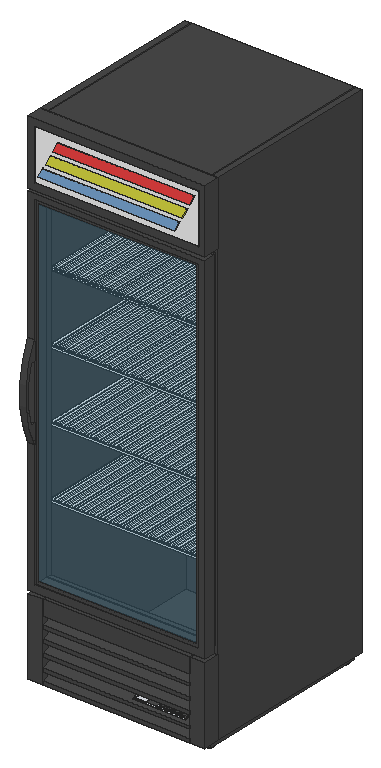
Revit family "QF_TRUE_GDM-23F-HST-HC~TSL01", category Specialty Equipment, Revit 2016
Family settings
  Part Type = Normal
  Round Connector Dimension = Use Diameter
  Work Plane-Based = No
  Always vertical = Yes
  Cut with Voids When Loaded = No
  Shared = No
  Room Calculation Point = No
Parameters
  Weight in Pounds = 350
  Watts = Volts * FL Amps  # 1069.5 W
  Volts = 115 V
  URL Cutsheet = ""
  Specification by User = ""
  Specification by Manufacturer = ""
  Show Logo [instance] = yes
  Show Default Legs [instance] = if(or(Show 6 Inches Standard Legs, Show 2.5 Inches Castors), or(Show 4 Inches Castors, and(Show 6 Inches Standard Legs, Show 2.5 Inches Castors), and(Show 2.5 Inches Castors, Show 6 Inches Seismic Flanged Legs)), if(Show 4 Inches Castors, Show 6 Inches Seismic Flanged Legs, not(Show 6 Inches Seismic Flanged Legs)))  # yes
  Show Clearance [instance] = yes
  Show 6 Inches Standard Legs [instance] = no
  Show 6 Inches Seismic Flanged Legs [instance] = no
  Show 4 Inches Castors [instance] = no
  Show 2.5 Inches Castors [instance] = no
  Serial Number = ""
  Seismic Rating = ""
  SMACNA No = ""
  Revision Code = ""
  Phase = 1
  Number of Poles = 1
  NAFEM Spec ID Number = ""
  Model = "GDM-23F-HST-HC-TSL01"
  Min Ckt Ampacity = 0 A
  Max Overcurrent Protection = 0 A
  Masterspec = ""
  Manufacturer = "TRUE"
  Length = 27"
  Item Number = ""
  Installed By = ""
  Identify Quantity as Lot = yes
  Height [instance] = Body Height + Base Height  # 78 5/8"
  HP = "1"
  Furnished By = ""
  Foodservice Equipment Identifier = yes
  FL Amps = 9.3 A
  Electrical Remarks = ""
  Electric Connection Type = ""
  Elec Conn RI Height = 0"
  Elec Conn Connection Height = 0"
  Description = "SWING DOOR FREEZER WITH HEALTH SAFETY TIMER & HYDROCARBON REFRIGERANT-TRUE STANDARD LOOK VERSION 01"
  Depth = 29 7/8"
  Cycle = 60 Hz
  Conn Plug = "NEMA 5-15P"
  Conn Conduit = yes
  CSI MasterFormat = ""
  Materials and Finishes [instance] = QF_Plastic - Black - Smooth
  Body Height [instance] = 78 5/16"  # constant formula
  Base Height [instance] = if(Show Default Legs, 5/16", if(Show 2.5 Inches Castors, 2 1/2", if(Show 6 Inches Standard Legs, 6", if(Show 4 Inches Castors, 4", if(Show 6 Inches Seismic Flanged Legs, 6", 5" / 16)))))  # 5/16"
  Apparent Power = 0 VA
  6 Inches Standard Legs [instance] = and(Show 6 Inches Standard Legs, not(Show Default Legs))  # no
  6 Inches Seismic Flanged Legs [instance] = and(Show 6 Inches Seismic Flanged Legs, not(Show Default Legs))  # no
  4 Inches Castors [instance] = and(Show 4 Inches Castors, not(Show Default Legs))  # no
  2.5 Inches Castors [instance] = and(Show 2.5 Inches Castors, not(Show Default Legs))  # no
Reference planes (in)
  plane 1 "BACK": y = 0
  plane 2: z = 0
  plane 3 "LEFT": x = 0
  plane 4 "RIGHT": x = 27
  plane 5 "FRONT": y = -29.875
  plane 6 "TOP": z = 78.625
  plane 7 "Center Y": x = 13.5
  plane 8 "Center X": y = -14.9375
  plane 9: z = 0.3125
  plane 10: z = 1.6875
  plane 11: z = 1.6875
  plane 12: y = -54.75
  plane 13: y = -31.50001
Dimensions and locks (in)
  equal spacing: plane 3 "LEFT", plane 7 "Center Y", plane 4 "RIGHT"
  "Length": plane 3 "LEFT" to plane 4 "RIGHT"
  equal spacing: plane 5 "FRONT", plane 8 "Center X", plane 1 "BACK"
  "Depth": plane 5 "FRONT" to plane 1 "BACK"
  "Body Height": plane 6 "TOP" to plane 9
  plane 4 "RIGHT" to plane 3 "LEFT" = 27"
  plane 5 "FRONT" to plane 1 "BACK" = 29 7/8"
  "Base Height": plane 9 to level
  plane 10 to plane 9 = 1 3/8"
  plane 12 to plane 1 "BACK" = 54 3/4"
  plane 1 "BACK" to plane 13 = 31 1/2"
  aligned and locked: level to plane 2
  aligned and locked: nested 3 to plane 9
Nested families (in)
  nested 1: "CASTER-LEGS" at (2.5, -2, 0), Show Siesmic Flanged <- "6 Inches Seismic Flanged Legs", Show 6 Inches Legs <- "6 Inches Standard Legs", Show 2.5 Casters <- "2.5 Inches Castors", Show 4" Casters <- "4 Inches Castors", type "CASTER-LEGS"
    with Type Mark "", Status "", Specification by User "", Show Siesmic Flanged no, Show 6" Casters no, Show 6 Inches Legs no, Show 5" Casters no, Show 4" Casters no, Show 2.5 Standard Legs no, Show 2.5 Casters no, Revision Code "", Low Profile yes, Item Number "", Installed By "", Identify Quantity as Lot yes, Furnished By "", Foodservice Equipment Identifier yes
  nested 2: "CASTER-LEGS" at (24.5, -2, 0), Show Siesmic Flanged <- "6 Inches Seismic Flanged Legs", Show 6 Inches Legs <- "6 Inches Standard Legs", Show 2.5 Casters <- "2.5 Inches Castors", Show 4" Casters <- "4 Inches Castors", type "CASTER-LEGS"
    with Type Mark "", Status "", Specification by User "", Show Siesmic Flanged no, Show 6" Casters no, Show 6 Inches Legs no, Show 5" Casters no, Show 4" Casters no, Show 2.5 Standard Legs no, Show 2.5 Casters no, Revision Code "", Low Profile yes, Item Number "", Installed By "", Identify Quantity as Lot yes, Furnished By "", Foodservice Equipment Identifier yes
  nested 3: "GDM-23F-HST-HC-TSL01" at (0, 0, 0), Show Logo <- "Show Logo", Show Default Legs <- "Show Default Legs", Show Clearance <- "Show Clearance", type "GDM-23F-HST-HC-TSL01"
    with Show Logo yes, Show Default Legs yes, Show Clearance yes
  nested 4: "CASTER-LEGS" at (2.5, -25.375, 0), Show Siesmic Flanged <- "6 Inches Seismic Flanged Legs", Show 6 Inches Legs <- "6 Inches Standard Legs", Show 2.5 Casters <- "2.5 Inches Castors", Show 4" Casters <- "4 Inches Castors", type "CASTER-LEGS"
    with Type Mark "", Status "", Specification by User "", Show Siesmic Flanged no, Show 6" Casters no, Show 6 Inches Legs no, Show 5" Casters no, Show 4" Casters no, Show 2.5 Standard Legs no, Show 2.5 Casters no, Revision Code "", Low Profile yes, Item Number "", Installed By "", Identify Quantity as Lot yes, Furnished By "", Foodservice Equipment Identifier yes
  nested 5: "CASTER-LEGS" at (24.5, -25.375, 0), Show Siesmic Flanged <- "6 Inches Seismic Flanged Legs", Show 6 Inches Legs <- "6 Inches Standard Legs", Show 2.5 Casters <- "2.5 Inches Castors", Show 4" Casters <- "4 Inches Castors", type "CASTER-LEGS"
    with Type Mark "", Status "", Specification by User "", Show Siesmic Flanged no, Show 6" Casters no, Show 6 Inches Legs no, Show 5" Casters no, Show 4" Casters no, Show 2.5 Standard Legs no, Show 2.5 Casters no, Revision Code "", Low Profile yes, Item Number "", Installed By "", Identify Quantity as Lot yes, Furnished By "", Foodservice Equipment Identifier yes
Connectors (in)
  electrical at (13.5, 0.125, 7.53489), driven by "Volts", driven by "Watts"
    settings: on nested 3, index 1, voltage 115 V, apparent load 1069.5 VA, apparent load phase1 0 VA, apparent load phase2 0 VA, apparent load phase3 0 VA, power factor 1, load classification "Other", number of poles 1, system type 30, power factor state 1, is connector primary yes, connector utility no, sub classification motor no, connector description "ELECTRICAL CONNECTION"
Definition of nested family "GDM-23F-HST-HC-TSL01"
  Parameters (values of type "GDM-23F-HST-HC-TSL01")
    Weight in Pounds = 0
    Watts = 0 W
    Volts = 0 V
    URL Cutsheet = ""
    Specification by User = ""
    Specification by Manufacturer = ""
    Show Logo [instance] = yes
    Show Default Legs [instance] = yes
    Show Clearance [instance] = yes
    Serial Number = ""
    Seismic Rating = ""
    SMACNA No = ""
    Revision Code = ""
    Phase = 0
    Number of Poles = 1
    NAFEM Spec ID Number = ""
    Model = ""
    Min Ckt Ampacity = 0 A
    Max Overcurrent Protection = 0 A
    Masterspec = ""
    Manufacturer = ""
    Length = 27"
    Item Number = ""
    Installed By = ""
    Identify Quantity as Lot = yes
    Height = 78 5/8"
    HP = ""
    Furnished By = ""
    Foodservice Equipment Identifier = yes
    FL Amps = 0 A
    Electrical Remarks = ""
    Electric Connection Type = ""
    Elec Conn RI Height = 0"
    Elec Conn Connection Height = 0"
    Description = ""
    Depth = 26 1/2"
    Cycle = 0 Hz
    Conn Plug = ""
    Conn Conduit = yes
    CSI MasterFormat = ""
    Body Finish = none
    Apparent Power = 0 VA
  Reference planes (in)
    plane 1 "BACK": y = 0
    plane 2: z = 0
    plane 3 "LEFT": x = 0
    plane 4 "RIGHT": x = 27
    plane 5 "FRONT": y = -26.5
    plane 6 "TOP": z = 78.625
    plane 7 "Center Y": x = 13.5
    plane 8 "Center X": y = -13.25
    plane 9: z = 0.3125
    plane 10: z = 1.6875
    plane 11: z = 1.6875
    plane 12: y = -31.5
    plane 13: y = -29.875
    plane 14: y = -1
    plane 15: y = -54.75
  Forms (in)
    Extrusion 1, solid, not visible
      sketch origin (-6.9261, -175.875, 34.16806) x (-1, 0, 0) y (0, -1, 0)
        loop
          line (-8.70735, -179.875) -> (-8.70735, -153.5) -> (-33.70735, -153.5) -> (-33.70735, -179.875) -> (-8.70735, -179.875)
        loop
          line (-8.95735, -179.625) -> (-8.95735, -153.75) -> (-33.45735, -153.75) -> (-33.45735, -179.625) -> (-8.95735, -179.625)
      from 0 to 0.25
    Extrusion 2, solid, not visible
      sketch origin (0.10937, 4.125, 7.68369) x (1, 0, 0) y (0, 0, 1)
        loop
          circle (10.17187, 26.73438) r 0.125
        loop
          circle (9.67187, 26.73438) r 0.125
        loop
          circle (9.17187, 26.73438) r 0.125
        loop
          circle (8.67187, 26.73438) r 0.125
        loop
          circle (8.17187, 26.73438) r 0.125
        loop
          circle (7.67187, 26.73438) r 0.125
        loop
          circle (7.17187, 26.73438) r 0.125
        loop
          circle (6.67187, 26.73438) r 0.125
        loop
          circle (6.17187, 26.73438) r 0.125
        loop
          circle (5.67187, 26.73438) r 0.125
        loop
          circle (5.17187, 26.73438) r 0.125
        loop
          circle (4.67187, 26.73438) r 0.125
        loop
          circle (4.17187, 26.73438) r 0.125
        loop
          circle (3.67187, 26.73438) r 0.125
        loop
          circle (3.17187, 26.73438) r 0.125
        loop
          circle (2.67187, 26.73438) r 0.125
        loop
          circle (2.17187, 26.73438) r 0.125
        loop
          circle (10.67187, 26.73438) r 0.125
        loop
          circle (11.17187, 26.73438) r 0.125
        loop
          circle (11.67187, 26.73438) r 0.125
        loop
          circle (12.17188, 26.73438) r 0.125
        loop
          circle (14.17188, 26.73438) r 0.125
        loop
          circle (13.67188, 26.73438) r 0.125
        loop
          circle (13.17188, 26.73438) r 0.125
        loop
          circle (12.67188, 26.73438) r 0.125
        loop
          circle (18.17188, 26.73438) r 0.125
        loop
          circle (18.67188, 26.73438) r 0.125
        loop
          circle (19.17188, 26.73438) r 0.125
        loop
          circle (19.67188, 26.73438) r 0.125
        loop
          circle (20.17188, 26.73438) r 0.125
        loop
          circle (20.67188, 26.73438) r 0.125
        loop
          circle (21.17188, 26.73438) r 0.125
        loop
          circle (21.67188, 26.73438) r 0.125
        loop
          circle (22.17188, 26.73438) r 0.125
        loop
          circle (22.67188, 26.73438) r 0.125
        loop
          circle (23.17188, 26.73438) r 0.125
        loop
          circle (23.67188, 26.73438) r 0.125
        loop
          circle (24.17188, 26.73438) r 0.125
        loop
          circle (24.67188, 26.73438) r 0.125
        loop
          circle (25.17188, 26.73438) r 0.125
        loop
          circle (25.67188, 26.73438) r 0.125
        loop
          circle (26.17188, 26.73438) r 0.125
        loop
          circle (17.67188, 26.73438) r 0.125
        loop
          circle (17.17188, 26.73438) r 0.125
        loop
          circle (16.67188, 26.73438) r 0.125
        loop
          circle (16.17188, 26.73438) r 0.125
        loop
          circle (14.67188, 26.73438) r 0.125
        loop
          circle (15.17188, 26.73438) r 0.125
        loop
          circle (15.67188, 26.73438) r 0.125
      from 0.375 to 26.25
    Extrusion 3, solid, material <- "Body Finish"
      sketch origin (0, -31.5, 0) x (1, 0, 0) y (0, 0, 1)
        loop
          line (0, 78.625) -> (0, 68.875) -> (27, 68.875) -> (27, 78.625) -> (0, 78.625)
        loop
          line (1, 77.625) -> (1, 69.875) -> (26, 69.875) -> (26, 77.625) -> (1, 77.625)
      from -1.625 to -4.125
    Extrusion 4, solid, material <- "Body Finish"
      sketch origin (-10.24231, -29.875, 48) x (-1, 0, 0) y (0, 0, 1)
        loop
          line (-37.24231, 20.38229) -> (-37.24231, -34.11771) -> (-10.24231, -34.11771) -> (-10.24231, 20.38229) -> (-37.24231, 20.38229)
        loop
          line (-36.24231, 19.63229) -> (-36.24231, -33.11771) -> (-11.24231, -33.11771) -> (-11.24231, 19.63229) -> (-36.24231, 19.63229)
      from 0 to 1.75251
    Extrusion 5, solid, material <- "Body Finish"
      sketch origin (-10.24231, -29.875, 48) x (-1, 0, 0) y (0, 0, 1)
        loop
          line (-10.24231, -46.3125) -> (-10.24231, -34.61771) -> (-12.49231, -34.61771) -> (-12.49231, -46.3125) -> (-10.24231, -46.3125)
        loop
          line (-37.24231, -46.3125) -> (-34.99231, -46.3125) -> (-34.99231, -34.61771) -> (-37.24231, -34.61771) -> (-37.24231, -46.3125)
      from 0 to 2.5
    Extrusion 6, solid, material <- "Body Finish"
      sketch origin (0, -5, 0) x (1, 0, 0) y (0, 0, 1)
        loop
          line (1.125, 1.6875) -> (1.125, 0.3125) -> (25.875, 0.3125) -> (25.875, 1.6875) -> (1.125, 1.6875)
      from -5 to 22.375
    Extrusion 7, solid, material <- "Body Finish"
      sketch origin (2.25, -29.875, 1.6875) x (0, 0, 1) y (0, -1, 0)
        loop
          line (11.69479, 0) -> (9.44479, 0) -> (9.44479, -2.25) -> (9.31979, -2.25) -> (8.19479, 0) -> (7.69479, 0) -> (8.81979, -2.25) -> (7.38229, -2.25) -> (6.25729, 0) -> (5.75729, 0) -> (6.88229, -2.25) -> (5.44479, -2.25) -> (4.31979, 0) -> (3.81979, 0) -> (4.94479, -2.25) -> (3.44479, -2.25) -> (2.31979, 0) -> (1.81979, 0) -> (2.94479, -2.25) -> (1.625, -2.25) -> (0.5, 0) -> (0, 0) -> (0, -2.5) -> (11.69479, -2.5) -> (11.69479, 0)
      from 0 to 22.5
    Extrusion 8, solid, material <- "Body Finish"
      sketch origin (0, -5, 0) x (0, 1, 0) y (0, 0, 1)
        loop
          line (-22.375, 78.625) -> (-22.375, 1.6875) -> (5, 1.6875) -> (5, 78.625) -> (-22.375, 78.625)
      from 0 to 1
    Extrusion 9, solid, material <- "Body Finish"
      sketch origin (27, -5, 0) x (0, 1, 0) y (0, 0, -1)
        loop
          line (-22.375, -78.625) -> (5, -78.625) -> (5, -1.6875) -> (-22.375, -1.6875) -> (-22.375, -78.625)
      from 0 to 1
    Extrusion 10, solid, material <- "Body Finish"
      sketch origin (1, -5, 0) x (0, 1, 0) y (0, 0, 1)
        loop
          line (5, 78.625) -> (-22.375, 78.625) -> (-22.375, 77.625) -> (4, 77.625) -> (4, 1.6875) -> (5, 1.6875) -> (5, 78.625)
      from 0 to 25
    Extrusion 11, solid
      sketch origin (0.75, -27.75, 0) x (-1, 0, 0) y (0, 0, 1)
        loop
          line (-0.25, 77.625) -> (-25.25, 77.625) -> (-25.25, 69.875) -> (-0.25, 69.875) -> (-0.25, 77.625)
      from -0.37249 to -2.125
    Extrusion 12, solid
      sketch origin (0.75, -29.875, 1.25) x (1, 0, 0) y (0, 0, 1)
        loop
          line (1.91159, 71.75) -> (22.79084, 71.75) -> (23.58841, 73.25) -> (2.70916, 73.25) -> (1.91159, 71.75)
      from 0 to 0.03125
    Extrusion 13, solid
      sketch origin (0.75, -29.875, 0.25) x (1, 0, 0) y (0, 0, 1)
        loop
          line (3.87016, 76.43353) -> (3.07259, 74.93353) -> (23.95185, 74.93353) -> (24.74941, 76.43353) -> (3.87016, 76.43353)
      from 0 to 0.03125
    Extrusion 14, solid
      sketch origin (0.75, -29.875, 2.25) x (1, 0, 0) y (0, 0, 1)
        loop
          line (0.75059, 68.56647) -> (21.62984, 68.56647) -> (22.42741, 70.06647) -> (1.54815, 70.06647) -> (0.75059, 68.56647)
      from 0 to 0.03125
    Extrusion 15, solid, material <- "Body Finish"
      sketch origin (-10.24231, -28.12249, 48) x (-1, 0, 0) y (0, 0, 1)
        loop
          line (-11.24231, 19.63229) -> (-36.24231, 19.63229) -> (-36.24231, -33.11771) -> (-11.24231, -33.11771) -> (-11.24231, 19.63229)
        loop
          line (-35.74231, 19.13229) -> (-35.74231, -32.61771) -> (-11.74231, -32.61771) -> (-11.74231, 19.13229) -> (-35.74231, 19.13229)
      from 0 to -1.5
    Extrusion 16, solid
      sketch origin (-10.24231, -29.62249, 48) x (1, 0, 0) y (0, 0, 1)
        loop
          line (11.74231, -32.61771) -> (35.74231, -32.61771) -> (35.74231, 19.13229) -> (11.74231, 19.13229) -> (11.74231, -32.61771)
      from 0 to -0.125
    Extrusion 17, solid
      sketch origin (0.375, -3.59375, 24.16366) x (0, 1, 0) y (0, 0, 1)
        loop
          arc (-26.28125, 24.2861) -> (-27.90626, 17.09363) -> (-26.28125, 9.90116) r 16.72986
          line (-26.28125, 9.90116) -> (-26.28125, 12.85144) -> (-27.1009, 12.85144)
          arc (-27.1009, 12.85144) -> (-27.65626, 17.09363) -> (-27.1009, 21.33582) r 16.47986
          line (-27.1009, 21.33582) -> (-26.28125, 21.33582) -> (-26.28125, 24.2861)
      from -0.375 to 0.625
    Extrusion 18, solid
      sketch origin (-7.70735, -180.875, 25.30729) x (-1, 0, 0) y (0, -1, 0)
        loop
          line (-8.70735, -179.875) -> (-8.70735, -153.5) -> (-33.70735, -153.5) -> (-33.70735, -179.875) -> (-8.70735, -179.875)
        loop
          line (-8.95735, -179.625) -> (-8.95735, -153.75) -> (-33.45735, -153.75) -> (-33.45735, -179.625) -> (-8.95735, -179.625)
      from 0 to 0.25
    Extrusion 19, solid
      sketch origin (-0.67188, -0.875, -1.17709) x (1, 0, 0) y (0, 0, 1)
        loop
          circle (10.17187, 26.73438) r 0.125
        loop
          circle (9.67187, 26.73438) r 0.125
        loop
          circle (9.17187, 26.73438) r 0.125
        loop
          circle (8.67187, 26.73438) r 0.125
        loop
          circle (8.17187, 26.73438) r 0.125
        loop
          circle (7.67187, 26.73438) r 0.125
        loop
          circle (7.17187, 26.73438) r 0.125
        loop
          circle (6.67187, 26.73438) r 0.125
        loop
          circle (6.17187, 26.73438) r 0.125
        loop
          circle (5.67187, 26.73438) r 0.125
        loop
          circle (5.17187, 26.73438) r 0.125
        loop
          circle (4.67187, 26.73438) r 0.125
        loop
          circle (4.17187, 26.73438) r 0.125
        loop
          circle (3.67187, 26.73438) r 0.125
        loop
          circle (3.17187, 26.73438) r 0.125
        loop
          circle (2.67187, 26.73438) r 0.125
        loop
          circle (2.17187, 26.73438) r 0.125
        loop
          circle (10.67187, 26.73438) r 0.125
        loop
          circle (11.17187, 26.73438) r 0.125
        loop
          circle (11.67187, 26.73438) r 0.125
        loop
          circle (12.17188, 26.73438) r 0.125
        loop
          circle (14.17188, 26.73438) r 0.125
        loop
          circle (13.67188, 26.73438) r 0.125
        loop
          circle (13.17188, 26.73438) r 0.125
        loop
          circle (12.67188, 26.73438) r 0.125
        loop
          circle (18.17188, 26.73438) r 0.125
        loop
          circle (18.67188, 26.73438) r 0.125
        loop
          circle (19.17188, 26.73438) r 0.125
        loop
          circle (19.67188, 26.73438) r 0.125
        loop
          circle (20.17188, 26.73438) r 0.125
        loop
          circle (20.67188, 26.73438) r 0.125
        loop
          circle (21.17188, 26.73438) r 0.125
        loop
          circle (21.67188, 26.73438) r 0.125
        loop
          circle (22.17188, 26.73438) r 0.125
        loop
          circle (22.67188, 26.73438) r 0.125
        loop
          circle (23.17188, 26.73438) r 0.125
        loop
          circle (23.67188, 26.73438) r 0.125
        loop
          circle (24.17188, 26.73438) r 0.125
        loop
          circle (24.67188, 26.73438) r 0.125
        loop
          circle (25.17188, 26.73438) r 0.125
        loop
          circle (25.67188, 26.73438) r 0.125
        loop
          circle (26.17188, 26.73438) r 0.125
        loop
          circle (17.67188, 26.73438) r 0.125
        loop
          circle (17.17188, 26.73438) r 0.125
        loop
          circle (16.67188, 26.73438) r 0.125
        loop
          circle (16.17188, 26.73438) r 0.125
        loop
          circle (14.67188, 26.73438) r 0.125
        loop
          circle (15.17188, 26.73438) r 0.125
        loop
          circle (15.67188, 26.73438) r 0.125
      from 0.375 to 26.25
    Extrusion 20, solid
      sketch origin (-7.70735, -180.875, 35.85729) x (-1, 0, 0) y (0, -1, 0)
        loop
          line (-8.70735, -179.875) -> (-8.70735, -153.5) -> (-33.70735, -153.5) -> (-33.70735, -179.875) -> (-8.70735, -179.875)
        loop
          line (-8.95735, -179.625) -> (-8.95735, -153.75) -> (-33.45735, -153.75) -> (-33.45735, -179.625) -> (-8.95735, -179.625)
      from 0 to 0.25
    Extrusion 21, solid
      sketch origin (-0.67188, -0.875, 9.37291) x (1, 0, 0) y (0, 0, 1)
        loop
          circle (10.17187, 26.73438) r 0.125
        loop
          circle (9.67187, 26.73438) r 0.125
        loop
          circle (9.17187, 26.73438) r 0.125
        loop
          circle (8.67187, 26.73438) r 0.125
        loop
          circle (8.17187, 26.73438) r 0.125
        loop
          circle (7.67187, 26.73438) r 0.125
        loop
          circle (7.17187, 26.73438) r 0.125
        loop
          circle (6.67187, 26.73438) r 0.125
        loop
          circle (6.17187, 26.73438) r 0.125
        loop
          circle (5.67187, 26.73438) r 0.125
        loop
          circle (5.17187, 26.73438) r 0.125
        loop
          circle (4.67187, 26.73438) r 0.125
        loop
          circle (4.17187, 26.73438) r 0.125
        loop
          circle (3.67187, 26.73438) r 0.125
        loop
          circle (3.17187, 26.73438) r 0.125
        loop
          circle (2.67187, 26.73438) r 0.125
        loop
          circle (2.17187, 26.73438) r 0.125
        loop
          circle (10.67187, 26.73438) r 0.125
        loop
          circle (11.17187, 26.73438) r 0.125
        loop
          circle (11.67187, 26.73438) r 0.125
        loop
          circle (12.17188, 26.73438) r 0.125
        loop
          circle (14.17188, 26.73438) r 0.125
        loop
          circle (13.67188, 26.73438) r 0.125
        loop
          circle (13.17188, 26.73438) r 0.125
        loop
          circle (12.67188, 26.73438) r 0.125
        loop
          circle (18.17188, 26.73438) r 0.125
        loop
          circle (18.67188, 26.73438) r 0.125
        loop
          circle (19.17188, 26.73438) r 0.125
        loop
          circle (19.67188, 26.73438) r 0.125
        loop
          circle (20.17188, 26.73438) r 0.125
        loop
          circle (20.67188, 26.73438) r 0.125
        loop
          circle (21.17188, 26.73438) r 0.125
        loop
          circle (21.67188, 26.73438) r 0.125
        loop
          circle (22.17188, 26.73438) r 0.125
        loop
          circle (22.67188, 26.73438) r 0.125
        loop
          circle (23.17188, 26.73438) r 0.125
        loop
          circle (23.67188, 26.73438) r 0.125
        loop
          circle (24.17188, 26.73438) r 0.125
        loop
          circle (24.67188, 26.73438) r 0.125
        loop
          circle (25.17188, 26.73438) r 0.125
        loop
          circle (25.67188, 26.73438) r 0.125
        loop
          circle (26.17188, 26.73438) r 0.125
        loop
          circle (17.67188, 26.73438) r 0.125
        loop
          circle (17.17188, 26.73438) r 0.125
        loop
          circle (16.67188, 26.73438) r 0.125
        loop
          circle (16.17188, 26.73438) r 0.125
        loop
          circle (14.67188, 26.73438) r 0.125
        loop
          circle (15.17188, 26.73438) r 0.125
        loop
          circle (15.67188, 26.73438) r 0.125
      from 0.375 to 26.25
    Extrusion 22, solid
      sketch origin (-7.70735, -180.875, 46.40729) x (-1, 0, 0) y (0, -1, 0)
        loop
          line (-8.70735, -179.875) -> (-8.70735, -153.5) -> (-33.70735, -153.5) -> (-33.70735, -179.875) -> (-8.70735, -179.875)
        loop
          line (-8.95735, -179.625) -> (-8.95735, -153.75) -> (-33.45735, -153.75) -> (-33.45735, -179.625) -> (-8.95735, -179.625)
      from 0 to 0.25
    Extrusion 23, solid
      sketch origin (-0.67188, -0.875, 19.92291) x (1, 0, 0) y (0, 0, 1)
        loop
          circle (10.17187, 26.73438) r 0.125
        loop
          circle (9.67187, 26.73438) r 0.125
        loop
          circle (9.17187, 26.73438) r 0.125
        loop
          circle (8.67187, 26.73438) r 0.125
        loop
          circle (8.17187, 26.73438) r 0.125
        loop
          circle (7.67187, 26.73438) r 0.125
        loop
          circle (7.17187, 26.73438) r 0.125
        loop
          circle (6.67187, 26.73438) r 0.125
        loop
          circle (6.17187, 26.73438) r 0.125
        loop
          circle (5.67187, 26.73438) r 0.125
        loop
          circle (5.17187, 26.73438) r 0.125
        loop
          circle (4.67187, 26.73438) r 0.125
        loop
          circle (4.17187, 26.73438) r 0.125
        loop
          circle (3.67187, 26.73438) r 0.125
        loop
          circle (3.17187, 26.73438) r 0.125
        loop
          circle (2.67187, 26.73438) r 0.125
        loop
          circle (2.17187, 26.73438) r 0.125
        loop
          circle (10.67187, 26.73438) r 0.125
        loop
          circle (11.17187, 26.73438) r 0.125
        loop
          circle (11.67187, 26.73438) r 0.125
        loop
          circle (12.17188, 26.73438) r 0.125
        loop
          circle (14.17188, 26.73438) r 0.125
        loop
          circle (13.67188, 26.73438) r 0.125
        loop
          circle (13.17188, 26.73438) r 0.125
        loop
          circle (12.67188, 26.73438) r 0.125
        loop
          circle (18.17188, 26.73438) r 0.125
        loop
          circle (18.67188, 26.73438) r 0.125
        loop
          circle (19.17188, 26.73438) r 0.125
        loop
          circle (19.67188, 26.73438) r 0.125
        loop
          circle (20.17188, 26.73438) r 0.125
        loop
          circle (20.67188, 26.73438) r 0.125
        loop
          circle (21.17188, 26.73438) r 0.125
        loop
          circle (21.67188, 26.73438) r 0.125
        loop
          circle (22.17188, 26.73438) r 0.125
        loop
          circle (22.67188, 26.73438) r 0.125
        loop
          circle (23.17188, 26.73438) r 0.125
        loop
          circle (23.67188, 26.73438) r 0.125
        loop
          circle (24.17188, 26.73438) r 0.125
        loop
          circle (24.67188, 26.73438) r 0.125
        loop
          circle (25.17188, 26.73438) r 0.125
        loop
          circle (25.67188, 26.73438) r 0.125
        loop
          circle (26.17188, 26.73438) r 0.125
        loop
          circle (17.67188, 26.73438) r 0.125
        loop
          circle (17.17188, 26.73438) r 0.125
        loop
          circle (16.67188, 26.73438) r 0.125
        loop
          circle (16.17188, 26.73438) r 0.125
        loop
          circle (14.67188, 26.73438) r 0.125
        loop
          circle (15.17188, 26.73438) r 0.125
        loop
          circle (15.67188, 26.73438) r 0.125
      from 0.375 to 26.25
    Extrusion 24, solid
      sketch origin (-7.70735, -180.875, 56.95729) x (-1, 0, 0) y (0, -1, 0)
        loop
          line (-8.70735, -179.875) -> (-8.70735, -153.5) -> (-33.70735, -153.5) -> (-33.70735, -179.875) -> (-8.70735, -179.875)
        loop
          line (-8.95735, -179.625) -> (-8.95735, -153.75) -> (-33.45735, -153.75) -> (-33.45735, -179.625) -> (-8.95735, -179.625)
      from 0 to 0.25
    Extrusion 25, solid
      sketch origin (-0.67188, -0.875, 30.47291) x (1, 0, 0) y (0, 0, 1)
        loop
          circle (10.17187, 26.73438) r 0.125
        loop
          circle (9.67187, 26.73438) r 0.125
        loop
          circle (9.17187, 26.73438) r 0.125
        loop
          circle (8.67187, 26.73438) r 0.125
        loop
          circle (8.17187, 26.73438) r 0.125
        loop
          circle (7.67187, 26.73438) r 0.125
        loop
          circle (7.17187, 26.73438) r 0.125
        loop
          circle (6.67187, 26.73438) r 0.125
        loop
          circle (6.17187, 26.73438) r 0.125
        loop
          circle (5.67187, 26.73438) r 0.125
        loop
          circle (5.17187, 26.73438) r 0.125
        loop
          circle (4.67187, 26.73438) r 0.125
        loop
          circle (4.17187, 26.73438) r 0.125
        loop
          circle (3.67187, 26.73438) r 0.125
        loop
          circle (3.17187, 26.73438) r 0.125
        loop
          circle (2.67187, 26.73438) r 0.125
        loop
          circle (2.17187, 26.73438) r 0.125
        loop
          circle (10.67187, 26.73438) r 0.125
        loop
          circle (11.17187, 26.73438) r 0.125
        loop
          circle (11.67187, 26.73438) r 0.125
        loop
          circle (12.17188, 26.73438) r 0.125
        loop
          circle (14.17188, 26.73438) r 0.125
        loop
          circle (13.67188, 26.73438) r 0.125
        loop
          circle (13.17188, 26.73438) r 0.125
        loop
          circle (12.67188, 26.73438) r 0.125
        loop
          circle (18.17188, 26.73438) r 0.125
        loop
          circle (18.67188, 26.73438) r 0.125
        loop
          circle (19.17188, 26.73438) r 0.125
        loop
          circle (19.67188, 26.73438) r 0.125
        loop
          circle (20.17188, 26.73438) r 0.125
        loop
          circle (20.67188, 26.73438) r 0.125
        loop
          circle (21.17188, 26.73438) r 0.125
        loop
          circle (21.67188, 26.73438) r 0.125
        loop
          circle (22.17188, 26.73438) r 0.125
        loop
          circle (22.67188, 26.73438) r 0.125
        loop
          circle (23.17188, 26.73438) r 0.125
        loop
          circle (23.67188, 26.73438) r 0.125
        loop
          circle (24.17188, 26.73438) r 0.125
        loop
          circle (24.67188, 26.73438) r 0.125
        loop
          circle (25.17188, 26.73438) r 0.125
        loop
          circle (25.67188, 26.73438) r 0.125
        loop
          circle (26.17188, 26.73438) r 0.125
        loop
          circle (17.67188, 26.73438) r 0.125
        loop
          circle (17.17188, 26.73438) r 0.125
        loop
          circle (16.67188, 26.73438) r 0.125
        loop
          circle (16.17188, 26.73438) r 0.125
        loop
          circle (14.67188, 26.73438) r 0.125
        loop
          circle (15.17188, 26.73438) r 0.125
        loop
          circle (15.67188, 26.73438) r 0.125
      from 0.375 to 26.25
    Extrusion 26, solid, visible <- "Show Default Legs"
      sketch origin (24.83359, -5, 0.3125) x (0, 1, 0) y (1, 0, 0)
        loop
          circle (4.29289, -23.00148) r 0.5
        loop
          circle (4.29289, 0.3343) r 0.5
        loop
          circle (-21.625, -23.00148) r 0.5
        loop
          circle (-21.625, 0.3343) r 0.5
      from 0 to 0.3125
    Extrusion 27, solid, visible <- "Show Clearance", detail levels coarse
      sketch origin (27, -29.875, 68.38229) x (-1, 0, 0) y (0, -1, 0)
        loop
          line (0, 0) -> (27, 0)
          arc (27, 0) -> (18.77019, 18.35528) -> (0, 25.58894) r 26.40798
          line (0, 25.58894) -> (0, 0)
      from 0 to -54.5
    Extrusion 28, solid
      sketch origin (-10.24231, -28.12249, 48) x (-1, 0, 0) y (0, 0, 1)
        loop
          line (-35.74231, 19.13229) -> (-35.74231, -32.61771) -> (-11.74231, -32.61771) -> (-11.74231, 19.13229) -> (-35.74231, 19.13229)
        loop
          line (-36.74231, -33.61771) -> (-10.74231, -33.61771) -> (-10.74231, 20.13229) -> (-36.74231, 20.13229) -> (-36.74231, -33.61771)
      from 0 to 0.74749
    Extrusion 29, solid, material <- "Body Finish"
      sketch origin (0, 0, 0) x (1, 0, 0) y (0, 0, 1)
        loop
          circle (13.5, 7.53489) r 0.25
      from 0 to -0.125
  Lines and regions (in)
    symbolic lines
      curve 1: line (0, -29.875, 0) -> (27, -29.875, 0)
      curve 2: line (0, 0, 0) -> (0, -31.50001, 0)
      curve 3: line (27, 0, 0) -> (0, 0, 0)
      curve 4: line (27, -29.875, 0) -> (27, 0, 0)
      curve 5: line (1, -31.50001, 0) -> (0, -31.50001, 0)
      curve 6: line (1, -31.50001, 0) -> (1, -29.875, 0)
      curve 7: line (0, -27.375, 0) -> (27, -27.375, 0)
      curve 8: line (1, -27.375, 0) -> (1, 0, 0)
      curve 9: line (26, -27.375, 0) -> (26, 0, 0)
      curve 10: line (27, -29.875, 0) -> (4.36736, -42.94196, 0)
      curve 11: arc (0, -29.875, 0) -> (1.31776, -36.6979, 0) -> (4.36736, -42.94196, 0) r 26.44471
  Dimensions and locks (in)
    equal spacing: plane 3 "LEFT", plane 7 "Center Y", plane 4 "RIGHT"
    "Length": plane 3 "LEFT" to plane 4 "RIGHT"
    equal spacing: plane 5 "FRONT", plane 8 "Center X", plane 1 "BACK"
    "Depth": plane 5 "FRONT" to plane 1 "BACK"
    "Height": plane 6 "TOP" to level
    plane 4 "RIGHT" to plane 3 "LEFT" = 27"
    plane 5 "FRONT" to plane 1 "BACK" = 26 1/2"
    plane 9 to level = 5/16"
    plane 6 "TOP" to plane 10 = 76 15/16"
    plane 10 to plane 9 = 1 3/8"
    plane 1 "BACK" to plane 12 = 31 1/2"
    plane 13 to plane 1 "BACK" = 29 7/8"
    plane 15 to plane 1 "BACK" = 54 3/4"
    equal spacing: Extrusion 5, Extrusion 29 sketch curve, plane 10
    aligned and locked: level to plane 2
  Automatic sketch dimensions
    Extrusion 4 sketch curve to Extrusion 4 sketch curve = 1"  (x3)
    Extrusion 5 sketch curve to Extrusion 5 sketch curve = 2 1/4"  (x2)
    Extrusion 7 sketch curve to Extrusion 5 = 0"  (x8)
    Extrusion 5 to Extrusion 7 sketch curve = 0"
    Extrusion 7 sketch curve to Extrusion 7 sketch curve = 1/2"  (x9)
    Extrusion 5 to Extrusion 7 sketch curve = 1/4"  (x5)
    Extrusion 7 sketch curve to Extrusion 5 = 1 5/8"
    Extrusion 7 sketch curve to Extrusion 7 sketch curve = 1.31979"  (x2)
    Extrusion 7 sketch curve to Extrusion 7 sketch curve = 1 1/2"  (x2)
    Extrusion 7 sketch curve to Extrusion 7 sketch curve = 1 7/16"  (x4)
    Extrusion 7 sketch curve to Extrusion 7 sketch curve = 1/8"
    Extrusion 12 sketch curve to Extrusion 11 = 1.66159"  (x2)
    Extrusion 12 sketch curve to Extrusion 12 sketch curve = 0.79756"
    Extrusion 12 sketch curve to Extrusion 11 = 2.45916"
    Extrusion 12 sketch curve to Extrusion 11 = 3 1/8"
    Extrusion 12 sketch curve to Extrusion 12 sketch curve = 1 1/2"
    Extrusion 13 sketch curve to Extrusion 11 = 2.82259"
    Extrusion 13 sketch curve to Extrusion 11 = 0.94147"
    Extrusion 13 sketch curve to Extrusion 13 sketch curve = 0.79756"
    Extrusion 13 sketch curve to Extrusion 11 = 1.29815"
    Extrusion 13 sketch curve to Extrusion 11 = 0.50059"
    Extrusion 13 sketch curve to Extrusion 13 sketch curve = 1 1/2"
    Extrusion 14 sketch curve to Extrusion 11 = 0.50059"
    Extrusion 14 sketch curve to Extrusion 11 = 1.29815"
    Extrusion 14 sketch curve to Extrusion 11 = 0.94147"
    Extrusion 14 sketch curve to Extrusion 11 = 3.62016"
    Extrusion 14 sketch curve to Extrusion 14 sketch curve = 0.79756"
    Extrusion 14 sketch curve to Extrusion 14 sketch curve = 1 1/2"
    Extrusion 4 to Extrusion 15 sketch curve = 0"
    Extrusion 15 sketch curve to Extrusion 4 = 0"  (x3)
    Extrusion 4 to Extrusion 15 sketch curve = 1/2"  (x4)
    Extrusion 16 sketch curve to Extrusion 15 = 0"  (x3)
    Extrusion 15 to Extrusion 16 sketch curve = 0"
    Extrusion 17 sketch curve to Extrusion 17 sketch curve = 0"  (x5)
    Extrusion 17 sketch curve to Extrusion 17 sketch curve = 2.95028"
    Extrusion 17 sketch curve to Extrusion 17 sketch curve = 4 31/128"
    Extrusion 3 sketch curve to Extrusion 3 sketch curve = 7 3/4"
    Extrusion 3 sketch curve to Extrusion 3 sketch curve = 1"  (x4)
    Extrusion 4 sketch curve to Extrusion 4 sketch curve = 3/4"
    Extrusion 11 sketch curve to Extrusion 11 sketch curve = 7 3/4"
    Extrusion 5 sketch curve to Extrusion 5 sketch curve = 11.69479"  (x2)
    Extrusion 19 sketch curve to Extrusion 19 sketch curve = 1/2"  (x48)
    Extrusion 19 sketch curve to Extrusion 19 sketch curve = 0"  (x48)
    Extrusion 21 sketch curve to Extrusion 21 sketch curve = 1/2"  (x48)
    Extrusion 21 sketch curve to Extrusion 21 sketch curve = 0"  (x48)
    Extrusion 23 sketch curve to Extrusion 23 sketch curve = 1/2"  (x48)
    Extrusion 23 sketch curve to Extrusion 23 sketch curve = 0"  (x48)
    Extrusion 25 sketch curve to Extrusion 25 sketch curve = 1/2"  (x48)
    Extrusion 25 sketch curve to Extrusion 25 sketch curve = 0"  (x48)
    Extrusion 26 sketch curve to Extrusion 6 = 3/4"  (x2)
    Extrusion 26 sketch curve to Extrusion 6 = 0.70711"  (x4)
    Extrusion 6 to Extrusion 26 sketch curve = 0.70711"  (x2)
    Extrusion 17 sketch curve to Extrusion 17 sketch curve = 0.81965"  (x2)
    Extrusion 3 sketch curve to Extrusion 3 sketch curve = 25"
    Extrusion 4 sketch curve to Extrusion 4 sketch curve = 25"
    Extrusion 4 sketch curve to Extrusion 4 sketch curve = 52 3/4"
    Extrusion 5 sketch curve to Extrusion 5 sketch curve = 22 1/2"
    Extrusion 5 sketch curve to Extrusion 5 sketch curve = 0"
    Extrusion 6 sketch curve to Extrusion 6 sketch curve = 24 3/4"
    Extrusion 6 sketch curve to Extrusion 6 sketch curve = 1 3/8"
    Extrusion 8 sketch curve to Extrusion 8 sketch curve = 27 3/8"
    Extrusion 8 sketch curve to Extrusion 8 sketch curve = 76 15/16"
    Extrusion 9 sketch curve to Extrusion 9 sketch curve = 27 3/8"
    Extrusion 9 sketch curve to Extrusion 9 sketch curve = 76 15/16"
    Extrusion 11 sketch curve to Extrusion 11 sketch curve = 25"
    Extrusion 17 sketch curve to Extrusion 17 sketch curve = 15.10485"
    Extrusion 10 sketch curve to Extrusion 8 = 0"  (x3)
    Extrusion 8 to Extrusion 10 sketch curve = 0"
    Extrusion 10 sketch curve to Extrusion 8 = 1"  (x2)
    Extrusion 24 sketch curve to Extrusion 24 sketch curve = 1/4"  (x4)
    Extrusion 24 sketch curve to Extrusion 24 sketch curve = 24 1/2"
    Extrusion 24 sketch curve to Extrusion 24 sketch curve = 25 7/8"
    Extrusion 1 sketch curve to Extrusion 1 sketch curve = 1/4"  (x4)
    Extrusion 1 sketch curve to Extrusion 1 sketch curve = 24 1/2"
    Extrusion 1 sketch curve to Extrusion 1 sketch curve = 25 7/8"
    Extrusion 18 sketch curve to Extrusion 18 sketch curve = 1/4"  (x4)
    Extrusion 18 sketch curve to Extrusion 18 sketch curve = 24 1/2"
    Extrusion 18 sketch curve to Extrusion 18 sketch curve = 25 7/8"
    Extrusion 20 sketch curve to Extrusion 20 sketch curve = 1/4"  (x4)
    Extrusion 20 sketch curve to Extrusion 20 sketch curve = 24 1/2"
    Extrusion 20 sketch curve to Extrusion 20 sketch curve = 25 7/8"
    Extrusion 22 sketch curve to Extrusion 22 sketch curve = 1/4"  (x4)
    Extrusion 22 sketch curve to Extrusion 22 sketch curve = 24 1/2"
    Extrusion 22 sketch curve to Extrusion 22 sketch curve = 25 7/8"
    Extrusion 3 sketch curve to plane 3 "LEFT" = 0"
    Extrusion 3 sketch curve to plane 6 "TOP" = 0"
    plane 4 "RIGHT" to Extrusion 4 sketch curve = 0"
    plane 10 to Extrusion 4 sketch curve = 12.19479"
    plane 4 "RIGHT" to Extrusion 5 sketch curve = 0"
    Extrusion 5 sketch curve to plane 10 = 0"
    Extrusion 6 sketch curve to plane 9 = 0"
    plane 3 "LEFT" to Extrusion 6 sketch curve = 1 1/8"
    Extrusion 8 sketch curve to plane 10 = 0"
    Extrusion 8 sketch curve to plane 1 "BACK" = 0"
    Extrusion 9 sketch curve to plane 10 = 0"
    Extrusion 9 sketch curve to plane 1 "BACK" = 0"
    plane 4 "RIGHT" to Extrusion 11 sketch curve = 1"
    Extrusion 11 sketch curve to plane 6 "TOP" = 8 3/4"
    Extrusion 17 sketch curve to plane 13 = 0"
    plane 10 to Extrusion 17 sketch curve = 32.37732"
    curve 1 to plane 3 "LEFT" = 0"
    plane 1 "BACK" to curve 8 = 0"
    plane 13 to curve 6 = 0"
    curve 10 to plane 4 "RIGHT" = 0"
    curve 5 to plane 12 = 0"
    plane 3 "LEFT" to curve 5 = 1"
    plane 3 "LEFT" to curve 10 = 4.36736"
    plane 4 "RIGHT" to curve 11 = 0.60134"
    curve 10 to plane 12 = 11.44196"
    plane 3 "LEFT" to curve 8 = 1"
    plane 4 "RIGHT" to curve 9 = 1"
    plane 5 "FRONT" to curve 8 = 7/8"
    Extrusion 27 sketch curve to Extrusion 4 = 0"  (x3)
    Extrusion 4 to Extrusion 27 sketch curve = 0.60451"
    Extrusion 4 to Extrusion 27 sketch curve = 0.94038"
    Extrusion 4 to Extrusion 28 sketch curve = 1/2"  (x4)
    Extrusion 28 sketch curve to Extrusion 28 sketch curve = 1"  (x4)
    Extrusion 29 sketch curve to plane 7 "Center Y" = 0"
    radius of Extrusion 19 sketch curve = 1/8"  (x49)
    radius of Extrusion 21 sketch curve = 1/8"  (x49)
    radius of Extrusion 23 sketch curve = 1/8"  (x49)
    radius of Extrusion 25 sketch curve = 1/8"  (x49)
    radius of Extrusion 26 sketch curve = 1/2"  (x4)
    radius of Extrusion 29 sketch curve = 1/4"
  Nested families (in)
    nested 1: "QF_LOGO_TRUE" at (15.65, -29.42253, 4.23352), Show Logo <- "Show Logo", type "QF_LOGO_TRUE", detail levels medium+fine
      with Show Logo yes
  Definition of nested family "QF_LOGO_TRUE"
    Parameters (values of type "QF_LOGO_TRUE")
      Show Logo [instance] = yes
    Reference planes (in)
      plane 1 "Center (Front/Back)": y = 0
      plane 2: z = 0
      plane 3 "Center (Left/Right)": x = 0
    Forms (in)
      Extrusion 1, solid, visible <- "Show Logo"
        sketch origin (-78.34647, -11.73983, -44.74286) x (1, 0, 0) y (0, 0.894428, 0.447213)
          loop
            line (81.15226, 31.65456) -> (81.07353, 31.48573) -> (82.12083, 31.48573)
            arc (82.12083, 31.48573) -> (82.14208, 31.44814) -> (82.12083, 31.41055) r 0.04386
            line (82.12083, 31.41055) -> (81.84767, 30.82478)
            arc (81.84767, 30.82478) -> (81.84531, 30.77052) -> (81.882, 30.73048) r 0.07096
            line (81.882, 30.73048) -> (82.55165, 30.73048)
            arc (82.55165, 30.73048) -> (82.63621, 30.75714) -> (82.69019, 30.82748) r 0.14742
            line (82.69019, 30.82748) -> (82.90515, 31.28847) -> (83.10265, 31.28847)
            arc (83.10265, 31.28847) -> (83.15447, 31.26942) -> (83.14697, 31.21472) r 0.04405
            line (83.14697, 31.21472) -> (82.9671, 30.82899)
            arc (82.9671, 30.82899) -> (82.9699, 30.76493) -> (83.02398, 30.73048) r 0.06943
            line (83.02398, 30.73048) -> (83.6124, 30.73048)
            arc (83.6124, 30.73048) -> (83.65748, 30.74689) -> (83.68147, 30.78844) r 0.07014
            arc (83.68147, 30.78844) -> (83.69845, 30.74745) -> (83.73943, 30.73048) r 0.05796
            line (83.73943, 30.73048) -> (84.112, 30.73048)
            arc (84.112, 30.73048) -> (84.15504, 30.74201) -> (84.18655, 30.77352) r 0.08608
            arc (84.18655, 30.77352) -> (84.20164, 30.7371) -> (84.23806, 30.72202) r 0.0515
            line (84.23806, 30.72202) -> (84.76757, 30.72202)
            arc (84.76757, 30.72202) -> (84.81086, 30.73995) -> (84.8288, 30.78324) r 0.06122
            arc (84.8288, 30.78324) -> (84.86848, 30.74355) -> (84.92269, 30.72903) r 0.10842
            line (84.92269, 30.72903) -> (85.91461, 30.72903) -> (86.02479, 30.91987) -> (85.0243, 30.91987)
            arc (85.0243, 30.91987) -> (84.99669, 30.93902) -> (84.99566, 30.97261) r 0.03732
            line (84.99566, 30.97261) -> (85.01297, 31.00972)
            arc (85.01297, 31.00972) -> (85.03954, 31.04453) -> (85.0813, 31.05774) r 0.07263
            line (85.0813, 31.05774) -> (85.40289, 31.05774)
            arc (85.40289, 31.05774) -> (85.4723, 31.07633) -> (85.52311, 31.12715) r 0.13882
            line (85.52311, 31.12715) -> (85.61625, 31.28847)
            arc (85.61625, 31.28847) -> (85.61625, 31.37458) -> (85.54168, 31.41763) r 0.08611
            line (85.54168, 31.41763) -> (85.20227, 31.41763)
            arc (85.20227, 31.41763) -> (85.11574, 31.40294) -> (85.05538, 31.33923) r 0.13863
            line (85.05538, 31.33923) -> (84.89409, 30.99333)
            arc (84.89409, 30.99333) -> (84.84649, 30.9313) -> (84.77191, 30.90778) r 0.13002
            line (84.77191, 30.90778) -> (84.41984, 30.90778)
            arc (84.41984, 30.90778) -> (84.3777, 30.95378) -> (84.38042, 31.0161) r 0.08151
            line (84.38042, 31.0161) -> (84.56766, 31.41763) -> (84.44849, 31.41763) -> (84.25012, 30.99222)
            arc (84.25012, 30.99222) -> (84.21158, 30.94199) -> (84.15119, 30.92296) r 0.10527
            line (84.15119, 30.92296) -> (83.90842, 30.92296)
            arc (83.90842, 30.92296) -> (83.8674, 30.97642) -> (83.87619, 31.04323) r 0.08805
            line (83.87619, 31.04323) -> (84.05078, 31.41763) -> (83.92772, 31.41763) -> (83.72676, 30.98668)
            arc (83.72676, 30.98668) -> (83.68011, 30.94003) -> (83.61639, 30.92296) r 0.12745
            line (83.61639, 30.92296) -> (83.26484, 30.92296)
            arc (83.26484, 30.92296) -> (83.2017, 30.9524) -> (83.19563, 31.0218) r 0.06967
            line (83.19563, 31.0218) -> (83.31118, 31.26961) -> (83.47452, 31.26961)
            arc (83.47452, 31.26961) -> (83.50209, 31.35268) -> (83.56075, 31.41763) r 0.21289
            line (83.56075, 31.41763) -> (82.92244, 31.41763)
            arc (82.92244, 31.41763) -> (82.85151, 31.40191) -> (82.80242, 31.34834) r 0.12081
            line (82.80242, 31.34834) -> (82.6294, 30.9773)
            arc (82.6294, 30.9773) -> (82.58962, 30.93752) -> (82.53528, 30.92296) r 0.10869
            line (82.53528, 30.92296) -> (82.1542, 30.92296)
            arc (82.1542, 30.92296) -> (82.12446, 30.96315) -> (82.13012, 31.01283) r 0.06822
            line (82.13012, 31.01283) -> (82.38156, 31.48573) -> (83.01596, 31.48573) -> (83.09469, 31.65456) -> (82.46029, 31.65456) -> (82.53902, 31.8234) -> (82.31334, 31.8234) -> (82.23461, 31.65456) -> (81.15226, 31.65456)
          loop
            arc (85.15937, 31.26434) -> (85.13191, 31.25698) -> (85.1118, 31.23688) r 0.05494
            line (85.1118, 31.23688) -> (85.09547, 31.18665)
            arc (85.09547, 31.18665) -> (85.10304, 31.16837) -> (85.12133, 31.16079) r 0.02586
            line (85.12133, 31.16079) -> (85.39889, 31.16079)
            arc (85.39889, 31.16079) -> (85.41888, 31.16523) -> (85.43513, 31.1777) r 0.04731
            line (85.43513, 31.1777) -> (85.44863, 31.2402)
            arc (85.44863, 31.2402) -> (85.44466, 31.25693) -> (85.42914, 31.26434) r 0.01994
            line (85.42914, 31.26434) -> (85.15937, 31.26434)
          loop
            line (78.62961, 30.74125) -> (80.12032, 30.74125) -> (80.73891, 31.81268) -> (79.2482, 31.81268) -> (78.62961, 30.74125)
        from 34.76797 to 34.83173
      Extrusion 2, solid, visible <- "Show Logo"
        sketch origin (-142.84857, -14.29215, -45.99893) x (1, 0, 0) y (0, 0.894428, 0.447213)
          loop
            line (150.81107, 34.71978) -> (142.98607, 34.71978) -> (142.98607, 33.4921) -> (150.81107, 33.4921) -> (150.81107, 34.71978)
        from 34.75108 to 34.78125
      Extrusion 3, solid, visible <- "Show Logo"
        sketch origin (-142.84857, -14.29215, -45.99893) x (1, 0, 0) y (0, 0.894428, 0.447213)
          loop
            line (150.94857, 34.85727) -> (142.84857, 34.85727) -> (142.84857, 33.3546) -> (150.94857, 33.3546) -> (150.94857, 34.85727)
          loop
            line (142.98607, 34.71978) -> (142.98607, 33.4921) -> (150.81107, 33.4921) -> (150.81107, 34.71978) -> (142.98607, 34.71978)
        from 34.75108 to 34.81376
      Extrusion 4, solid, not visible
        sketch origin (121.45701, -16.5, 4.98235) x (1, 0, 0) y (0, 0, 1)
          loop
            line (25.20115, 35.89949) -> (25.20115, 33.96647) -> (30.95381, 33.96647) -> (30.95381, 35.89949) -> (25.20115, 35.89949)
        from 31.5 to 31.54261
      Extrusion 5, solid, not visible
        sketch origin (121.45701, -16.5, 4.98235) x (1, 0, 0) y (0, 0, 1)
          loop
            line (26.7387, 34.95472) -> (26.61492, 34.49276) -> (27.038, 34.49276)
            arc (27.038, 34.49276) -> (27.13117, 34.52484) -> (27.18485, 34.60749) r 0.15134
            arc (27.18485, 34.60749) -> (27.20396, 34.68138) -> (27.22435, 34.75493) r 4.37326
            arc (27.22435, 34.75493) -> (27.23458, 34.81765) -> (27.22435, 34.88037) r 0.1974
            arc (27.22435, 34.88037) -> (27.18247, 34.93579) -> (27.11563, 34.95472) r 0.10914
            line (27.11563, 34.95472) -> (26.7387, 34.95472)
          loop
            line (26.90201, 34.80638) -> (26.84645, 34.59903) -> (26.92855, 34.59903)
            arc (26.92855, 34.59903) -> (26.98205, 34.6185) -> (27.01051, 34.6678) r 0.08322
            line (27.01051, 34.6678) -> (27.02399, 34.74424)
            arc (27.02399, 34.74424) -> (27.01491, 34.78454) -> (26.97985, 34.80638) r 0.05353
            line (26.97985, 34.80638) -> (26.90201, 34.80638)
          loop
            line (27.45336, 34.66131) -> (27.76233, 34.66131) -> (27.78859, 34.73909)
            arc (27.78859, 34.73909) -> (27.7878, 34.82039) -> (27.73107, 34.87864) r 0.10925
            arc (27.73107, 34.87864) -> (27.68233, 34.8944) -> (27.63139, 34.89974) r 0.24595
            line (27.63139, 34.89974) -> (27.46708, 34.89974)
            arc (27.46708, 34.89974) -> (27.4068, 34.88073) -> (27.3535, 34.84677) r 0.2421
            arc (27.3535, 34.84677) -> (27.2897, 34.76363) -> (27.26702, 34.66131) r 0.2421
            line (27.26702, 34.66131) -> (27.26702, 34.54477)
            arc (27.26702, 34.54477) -> (27.31618, 34.4956) -> (27.38334, 34.47761) r 0.13431
            line (27.38334, 34.47761) -> (27.59054, 34.47761)
            arc (27.59054, 34.47761) -> (27.63459, 34.48281) -> (27.67622, 34.49812) r 0.18924
            line (27.67622, 34.49812) -> (27.73102, 34.61563)
            arc (27.73102, 34.61563) -> (27.68453, 34.59565) -> (27.63566, 34.58252) r 0.35376
            arc (27.63566, 34.58252) -> (27.55885, 34.56956) -> (27.48204, 34.58252) r 0.23415
            arc (27.48204, 34.58252) -> (27.44492, 34.61362) -> (27.45336, 34.66131) r 0.04838
          loop
            line (27.4842, 34.73042) -> (27.62012, 34.73042) -> (27.62621, 34.76496)
            arc (27.62621, 34.76496) -> (27.58961, 34.80242) -> (27.53739, 34.80638) r 0.0742
            arc (27.53739, 34.80638) -> (27.49747, 34.77773) -> (27.4842, 34.73042) r 0.0742
          loop
            line (27.91616, 34.97572) -> (27.78675, 34.49276) -> (27.98645, 34.49276) -> (28.11586, 34.97572) -> (27.91616, 34.97572)
          loop
            line (28.13678, 34.66131) -> (28.08755, 34.47761) -> (28.27134, 34.47761) -> (28.32056, 34.66131) -> (28.43674, 34.66131) -> (28.47974, 34.78864) -> (28.36519, 34.78864)
            arc (28.36519, 34.78864) -> (28.35733, 34.81649) -> (28.36921, 34.84288) r 0.04231
            arc (28.36921, 34.84288) -> (28.431, 34.8652) -> (28.49617, 34.85686) r 0.13988
            line (28.49617, 34.85686) -> (28.53544, 34.97317)
            arc (28.53544, 34.97317) -> (28.39725, 34.99096) -> (28.25905, 34.97317) r 0.54546
            arc (28.25905, 34.97317) -> (28.20849, 34.91994) -> (28.18197, 34.85147) r 0.1894
            line (28.18197, 34.85147) -> (28.17089, 34.78864) -> (28.11397, 34.78864) -> (28.07985, 34.66131) -> (28.13678, 34.66131)
          loop
            arc (28.74846, 34.89756) -> (28.65884, 34.88533) -> (28.56922, 34.89756) r 0.33455
            line (28.56922, 34.89756) -> (28.45669, 34.47761) -> (28.63593, 34.47761) -> (28.74846, 34.89756)
          loop
            arc (28.60398, 35.01195) -> (28.57699, 34.97173) -> (28.60398, 34.9315) r 0.04347
            line (28.60398, 34.9315) -> (28.75755, 34.9315)
            arc (28.75755, 34.9315) -> (28.78645, 34.96687) -> (28.77911, 35.01195) r 0.0556
            line (28.77911, 35.01195) -> (28.60398, 35.01195)
          loop
            line (28.95336, 34.66131) -> (29.26233, 34.66131) -> (29.28859, 34.73909)
            arc (29.28859, 34.73909) -> (29.2878, 34.82039) -> (29.23107, 34.87864) r 0.10925
            arc (29.23107, 34.87864) -> (29.18233, 34.8944) -> (29.13139, 34.89974) r 0.24595
            line (29.13139, 34.89974) -> (28.96708, 34.89974)
            arc (28.96708, 34.89974) -> (28.9068, 34.88073) -> (28.8535, 34.84677) r 0.2421
            arc (28.8535, 34.84677) -> (28.7897, 34.76363) -> (28.76702, 34.66131) r 0.2421
            line (28.76702, 34.66131) -> (28.76702, 34.54477)
            arc (28.76702, 34.54477) -> (28.81618, 34.4956) -> (28.88334, 34.47761) r 0.13431
            line (28.88334, 34.47761) -> (29.09054, 34.47761)
            arc (29.09054, 34.47761) -> (29.13459, 34.48281) -> (29.17622, 34.49812) r 0.18924
            line (29.17622, 34.49812) -> (29.23102, 34.61563)
            arc (29.23102, 34.61563) -> (29.18453, 34.59565) -> (29.13566, 34.58252) r 0.35376
            arc (29.13566, 34.58252) -> (29.05885, 34.56956) -> (28.98204, 34.58252) r 0.23415
            arc (28.98204, 34.58252) -> (28.94492, 34.61362) -> (28.95336, 34.66131) r 0.04838
          loop
            line (28.9842, 34.73042) -> (29.12012, 34.73042) -> (29.12621, 34.76496)
            arc (29.12621, 34.76496) -> (29.08961, 34.80242) -> (29.03739, 34.80638) r 0.0742
            arc (29.03739, 34.80638) -> (28.99747, 34.77773) -> (28.9842, 34.73042) r 0.0742
          loop
            line (29.41616, 34.97572) -> (29.28675, 34.49276) -> (29.48645, 34.49276) -> (29.61586, 34.97572) -> (29.41616, 34.97572)
          loop
            line (29.99836, 34.97572) -> (29.95192, 34.80242)
            arc (29.95192, 34.80242) -> (29.94473, 34.85705) -> (29.90102, 34.89059) r 0.07199
            arc (29.90102, 34.89059) -> (29.80023, 34.89941) -> (29.70251, 34.87322) r 0.29131
            arc (29.70251, 34.87322) -> (29.61806, 34.7652) -> (29.5896, 34.63108) r 0.30433
            line (29.5896, 34.63108) -> (29.5896, 34.55572)
            arc (29.5896, 34.55572) -> (29.61075, 34.50463) -> (29.66184, 34.48348) r 0.07224
            line (29.66184, 34.48348) -> (29.78537, 34.48348)
            arc (29.78537, 34.48348) -> (29.83854, 34.51313) -> (29.88504, 34.55243) r 0.31609
            line (29.88504, 34.55243) -> (29.86905, 34.49276) -> (30.05973, 34.49276) -> (30.18914, 34.97572) -> (29.99836, 34.97572)
          loop
            arc (29.84537, 34.75931) -> (29.79424, 34.71128) -> (29.77745, 34.64317) r 0.12371
            arc (29.77745, 34.64317) -> (29.80071, 34.59901) -> (29.85056, 34.59647) r 0.05045
            arc (29.85056, 34.59647) -> (29.90141, 34.64047) -> (29.92536, 34.7033) r 0.13769
            arc (29.92536, 34.7033) -> (29.90211, 34.75521) -> (29.84537, 34.75931) r 0.05543
          loop
            line (26.45047, 35.26762) -> (26.58211, 35.26762)
            arc (26.58211, 35.26762) -> (26.60467, 35.30821) -> (26.62126, 35.35157) r 0.3277
            arc (26.62126, 35.35157) -> (26.62714, 35.39992) -> (26.60877, 35.44503) r 0.09693
            arc (26.60877, 35.44503) -> (26.56454, 35.48868) -> (26.50462, 35.50516) r 0.12312
            arc (26.50462, 35.50516) -> (26.44158, 35.50565) -> (26.37854, 35.50546) r 5.76967
            arc (26.37854, 35.50546) -> (26.07462, 35.42923) -> (25.81045, 35.26076) r 0.97743
            line (25.81045, 35.26076) -> (25.85921, 35.26076)
            arc (25.85921, 35.26076) -> (26.08494, 35.39361) -> (26.3396, 35.45485) r 0.88817
            arc (26.3396, 35.45485) -> (26.41429, 35.44188) -> (26.47267, 35.39352) r 0.14748
            arc (26.47267, 35.39352) -> (26.48041, 35.32725) -> (26.45047, 35.26762) r 0.11636
          loop
            arc (26.35412, 35.17841) -> (26.19578, 35.0555) -> (26.00982, 34.98069) r 0.72453
            arc (26.00982, 34.98069) -> (25.9036, 34.95581) -> (25.79459, 34.9604) r 0.40201
            arc (25.79459, 34.9604) -> (25.7275, 34.98819) -> (25.69972, 35.05528) r 0.09488
            arc (25.69972, 35.05528) -> (25.71867, 35.12629) -> (25.77049, 35.17841) r 0.1425
            line (25.77049, 35.17841) -> (25.73665, 35.18748)
            arc (25.73665, 35.18748) -> (25.67632, 35.09876) -> (25.66924, 34.99171) r 0.20432
            arc (25.66924, 34.99171) -> (25.71443, 34.9227) -> (25.79473, 34.90384) r 0.11116
            arc (25.79473, 34.90384) -> (25.91172, 34.89904) -> (26.02716, 34.91862) r 0.56145
            arc (26.02716, 34.91862) -> (26.27675, 35.021) -> (26.49584, 35.17841) r 1.15683
            line (26.49584, 35.17841) -> (26.35412, 35.17841)
        from 31.54261 to 31.56272
    Dimensions and locks (in)
      aligned and locked: level to plane 2
      aligned and locked: Extrusion 2 to Extrusion 3  (x2)
      aligned and locked: Extrusion 2 sketch curve to Extrusion 3
Definition of nested family "CASTER-LEGS"
  Parameters (values of type "CASTER-LEGS")
    Weight = ""
    URL Manufacturer = ""
    URL Cutsheet = ""
    URL = ""
    Type Mark [instance] = ""
    Status [instance] = ""
    Specification by User [instance] = ""
    Specification by Manufacturer = ""
    Show Siesmic Flanged [instance] = yes
    Show 6 Inches Legs [instance] = yes
    Show 6" Casters [instance] = yes
    Show 5" Casters [instance] = yes
    Show 4" Casters [instance] = yes
    Show 2.5 Standard Legs [instance] = yes
    Show 2.5 Casters [instance] = yes
    Serial Number = ""
    Seismic Rating = ""
    SMACNA No = ""
    Revision Code [instance] = ""
    Omniclass Number and Title = ""
    NAFEM Spec ID Number = ""
    Model = ""
    MasterSpec. = ""
    Manufacturer = ""
    Low Profile [instance] = yes
    Item Number [instance] = ""
    Installed By [instance] = ""
    Identify Quantity as Lot [instance] = yes
    Furnished By [instance] = ""
    Foodservice Equipment Identifier [instance] = yes
    Description = ""
    CSI MasterFormat = ""
    CSI Master Format = ""
    Assembly Code = ""
  Reference planes (in)
    plane 1: z = 0
    plane 2 "RIGHT": x = 0
    plane 3 "FRONT": y = 0
    plane 4 "TOP": z = 6
    plane 5: z = 2.125
    plane 6: z = 2.5
    plane 7: z = 6.25
  Forms (in)
    Revolve 1, solid, visible <- "Show 6 Inches Legs"
      sketch origin (11.12172, 0, 0) x (-1, 0, 0) y (0, 0, -1)
        loop
          line (11.12172, -6) -> (11.12172, 0) -> (10.62172, 0) -> (10.62172, -1.30261) -> (10.37172, -1.30261) -> (10.37172, -6) -> (11.12172, -6)
        axis (11.12172, 0) -> (11.12172, -6)
      angle from 0 to 360
    Extrusion 2, solid, visible <- "Show Siesmic Flanged"
      sketch origin (0, 0, 0) x (1, 0, 0) y (0, 1, 0)
        loop
          circle (-0.00825, 0) r 1
      from 0 to 0.125
    Revolve 3, solid, visible <- "Show Siesmic Flanged"
      sketch origin (11.12172, 0, 0) x (-1, 0, 0) y (0, 0, -1)
        loop
          line (11.12172, -6) -> (11.12172, -0.125) -> (10.62172, -0.125) -> (10.62172, -1.30261) -> (10.37172, -1.30261) -> (10.37172, -6) -> (11.12172, -6)
        axis (11.12172, -0.125) -> (11.12172, -6)
      angle from 0 to 360
    Revolve 4, solid, visible <- "Show 2.5 Standard Legs"
      sketch origin (11.12172, 0, 0) x (-1, 0, 0) y (0, 0, -1)
        loop
          line (11.12172, -2.5) -> (11.12172, 0) -> (10.62172, 0) -> (10.62172, -0.75) -> (10.37172, -0.75) -> (10.37172, -2.5) -> (11.12172, -2.5)
        axis (11.12172, 0) -> (11.12172, -2.5)
      angle from 0 to 360
  Dimensions and locks (in)
    plane 4 "TOP" to level = 6"  (x2)
    locked: Revolve 1 sketch curve to Revolve 1 sketch curve at 1.30261
    locked: Revolve 1 sketch curve to Revolve 1 sketch curve at 0.75
    nested 1 to level = 5"
    plane 6 to plane 1 = 2 1/2"
    plane 5 to plane 1 = 2 1/8"
    plane 7 to plane 1 = 6 1/4"
    locked: Revolve 3 sketch curve to Revolve 3 sketch curve at 0.75
    aligned and locked: level to plane 1
  Nested families (in)
    nested 1: "PITCO_5 INCHES CASTER" at (0, 0, 0), Show Casters <- "Show 5" Casters", type "PITCO_5 INCHES CASTER"
      with Type Mark "", Status "", Specification by User "", Show Casters yes, Revision Code "", Item Number "", Installed By "", Identify Quantity as Lot yes, Furnished By "", Foodservice Equipment Identifier yes
    nested 2: "2.13" at (0, 0, 0), 2.5 Inches Caster <- "Low Profile", type "2.13", not visible
      with Type Mark "", Status "", Specification by User "", Revision Code "", Item Number "", Installed By "", Identify Quantity as Lot yes, Furnished By "", Foodservice Equipment Identifier yes, 2.5 Inches Caster yes
